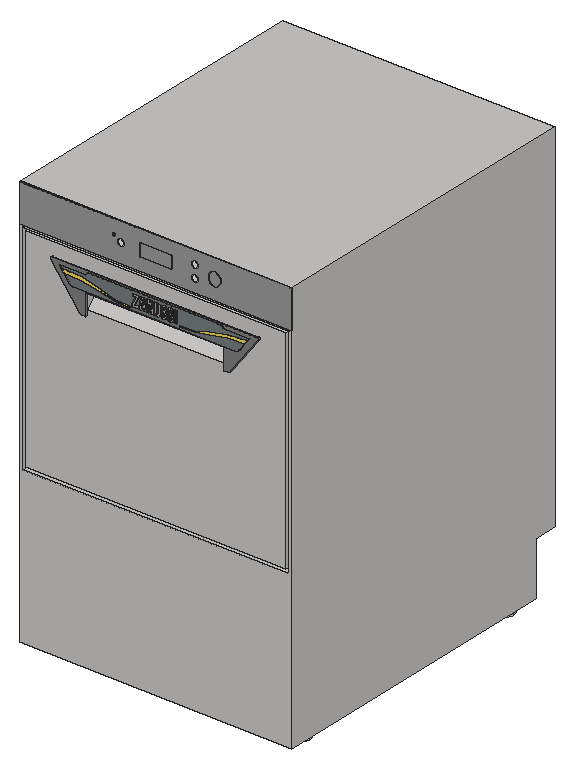
Revit family "QF_ZANUSSI_402244_ZTGWSG16", category Attrezzature speciali, Revit 2021
Family settings
  Quota connettore circolare = Usa diametro
  Tipo di parte = Normale
  Basato su piano di lavoro = No
  Sempre verticale = Sì
  Taglio con vuoti quando caricato = No
  Condiviso = No
  Punto di calcolo locali = No
Parameters (values of type "Standard")
  Weight = 38.00 kg
  Watts = 2700 W
  Volts = 220 V
  URL Manufacturer = "http://www.zanussiprofessional.com"
  URL = "http://www.zanussiprofessional.com"
  Steam Supply Size = 0 mm
  Steam Supply Minimum Pressure = 0.0 Pa
  Steam Supply Maximum Pressure = 0.0 Pa
  Steam Consumption per Hour = 0
  Show Logo [instance] = yes
  Show Clearance [instance] = yes
  Refrigeration Suction Line Size = 0 mm
  Refrigeration Liquid Line Size = 0 mm
  Refrigerant Compressor Remote = yes
  Produttore = "Zanussi"
  Phase = 1
  Modello = "ZTGWSG16"
  Length Actual = 455 mm  # constant formula
  Item Number = "402244"
  Hot Water Size = 0 mm
  Height Actual = 700 mm  # constant formula
  HP = "3.6 HP"
  Gas Size = 0 mm
  Gas KW = 0
  Gas Input Pressure = 0 W
  Direct Waste Size = 29 mm
  Descrizione = "UC GLASSWASHER (S), ELECTRONIC, SINGLE SKIN, PRESSURE, RINSE AID+DET.PUMP, DRAIN P, TANK FILTER, 40R/H, 230V/1/60,SCHUKO"
  Prospetto di default = 0 mm
  Depth Actual = 550 mm  # constant formula
  Cycle = 60 Hz
  Condensate Return Size = 0 mm
  Compressed Air Volume = 0.0 L/s
  Compressed Air Size = 0 mm
  Compressed Air Pressure = 0.0 Pa
  Cold Water Size = 19.05 mm
  Accessory = yes
Reference planes
  plane 1 "Center (Front/Back)": y = 0
  plane 2: z = 0
  plane 3 "Center (Left/Right)": x = 0
  plane 4 "LEFT": x = -227.5
  plane 5 "RIGHT": x = 227.5
  plane 6 "FRONT": y = -275
  plane 7 "BACK": y = 275
  plane 8: z = 700
  plane 9: z = 10
  plane 10: y = 236
  plane 11 "2": y = -274
Forms (mm)
  Extrusion 1, solid, material "QF_Finishes_Stainless Steel", detail levels medium+fine
    sketch origin (0, 0, 0) x (1, 0, 0) y (0, 1, 0)
      loop
        line (-227.5, -275) -> (227.5, -275) -> (227.5, 236) -> (-227.5, 236) -> (-227.5, -275)
    from 10 to 700
  Extrusion 2, solid, material "QF_Finishes_Stainless Steel", detail levels medium+fine
    sketch origin (0, 0, 0) x (1, 0, 0) y (0, 1, 0)
      loop
        line (-227.5, 236) -> (227.5, 236) -> (227.5, 275) -> (-227.5, 275) -> (-227.5, 236)
    from 100 to 700
  Extrusion 3, solid, material "QF_Finishes_Stainless Steel", detail levels fine
    sketch origin (0, 0, 0) x (1, 0, 0) y (0, 1, 0)
      loop
        circle (-208, 198) r 12.5
      loop
        circle (208, 198) r 12.5
      loop
        circle (-208, -228) r 12.5
      loop
        circle (208, -228) r 12.5
    from 0 to 10
  Extrusion 4, void
    sketch origin (-227.5, -275, 0) x (-1, 0, 0) y (0, 0, 1)
      loop
        line (-5, 634.145) -> (-450, 634.145) -> (-450, 270) -> (-5, 270) -> (-5, 634.145)
    from 0 to 30
  Extrusion 5, solid, material "QF_Finishes_Stainless Steel"
    sketch origin (-212, -392, 752) x (0, 0, -1) y (1, 0, 0)
      loop
        circle (693, 215.5) r 10
    from -628 to -667
  Extrusion 6, solid, material "QF_Finishes_Stainless Steel"
    sketch origin (-432.481, -392, 722) x (0, 0, -1) y (1, 0, 0)
      loop
        circle (663, 324.981) r 8
    from -628 to -667
  Extrusion 7, solid, material "QF_Finishes_Stainless Steel"
    sketch origin (-268, -392, 682.5) x (0, 0, -1) y (1, 0, 0)
      loop
        circle (663, 230.5) r 8
    from -628 to -667
  Extrusion 8, solid, material "QF_Finishes_Stainless Steel"
    sketch origin (-50.5, 508.026, -145.045) x (0, -1, 0) y (0, 0, 1)
      loop
        line (755.578, 774.145) -> (755.578, 420.045) -> (783.026, 420.045) -> (783.026, 774.145) -> (755.578, 774.145)
    from -268.245 to 167
  Extrusion 9, solid, material "QF_Finishes_Grey"
    sketch origin (1109.779, -277.6, -140) x (-1, 0, 0) y (0, 0, 1)
      loop
        line (1224.779, 677.936) -> (1231.15, 677.936)
        arc (1231.15, 677.936) -> (1234.782, 678.808) -> (1237.622, 681.234) r 8
        line (1237.622, 681.234) -> (1283.237, 744.017)
        arc (1283.237, 744.017) -> (1283.404, 746.136) -> (1281.591, 747.247) r 2.035
        line (1281.591, 747.247) -> (937.967, 747.247)
        arc (937.967, 747.247) -> (936.154, 746.136) -> (936.321, 744.017) r 2.035
        line (936.321, 744.017) -> (981.935, 681.234)
        arc (981.935, 681.234) -> (984.775, 678.808) -> (988.407, 677.936) r 8
        line (988.407, 677.936) -> (994.779, 677.936) -> (994.779, 712.928) -> (1224.779, 712.928) -> (1224.779, 677.936)
      loop
        line (1252.743, 719.058) -> (1268.137, 740.247) -> (1224.779, 740.247) -> (1221.329, 745.174) -> (998.229, 745.174) -> (994.779, 740.247) -> (951.42, 740.247) -> (966.815, 719.058)
        arc (966.815, 719.058) -> (970.365, 716.026) -> (974.905, 714.936) r 10
        line (974.905, 714.936) -> (1244.653, 714.936)
        arc (1244.653, 714.936) -> (1249.192, 716.026) -> (1252.743, 719.058) r 10
    from 2.6 to 0.6
  Extrusion 10, solid, material "QF_Door-Drawer Clearances", detail levels coarse
    sketch origin (-50.5, 469.81, -129.52) x (0, -1, 0) y (0, 0, 1)
      loop
        arc (1151.948, 404.52) -> (1007.811, 649.792) -> (744.81, 758.257) r 446.578
        line (744.81, 758.257) -> (744.81, 404.52) -> (1151.948, 404.52)
    from -268.245 to 167
  Extrusion 11, void
    sketch origin (680, -275, 0) x (-1, 0, 0) y (0, 0, 1)
      loop
        line (907.5, 700) -> (452.5, 700) -> (452.5, 635.697) -> (907.5, 635.697) -> (907.5, 700)
    from 0 to 1
  Extrusion 12, void
    sketch origin (-227.5, 0, 0) x (0, 1, 0) y (0, 0, 1)
      loop
        line (-275, 607.247) -> (-275, 546.753) -> (-254.506, 567.247) -> (-254.506, 607.247) -> (-275, 607.247)
    from 112.5 to 342.5
  Extrusion 13, solid, material "QF_Finishes_Zanussi_Dark Gray"
    sketch origin (1109.779, -277.552, -140) x (-1, 0, 0) y (0, 0, 1)
      loop
        arc (1244.653, 714.936) -> (1249.192, 716.026) -> (1252.743, 719.058) r 10
        line (1252.743, 719.058) -> (1261.069, 730.518)
        arc (1261.069, 730.518) -> (1231.688, 728.995) -> (1202.67, 724.145) r 258.665
        arc (1202.67, 724.145) -> (1177.172, 718.988) -> (1151.199, 717.527) r 181.648
        line (1151.199, 717.527) -> (1151.199, 719.365)
        arc (1151.199, 719.365) -> (1175.804, 720.821) -> (1199.739, 726.707) r 135.575
        arc (1199.739, 726.707) -> (1232.367, 734.852) -> (1265.915, 737.189) r 192.294
        line (1265.915, 737.189) -> (1268.137, 740.247) -> (1224.779, 740.247) -> (1221.329, 745.174) -> (998.229, 745.174) -> (994.779, 740.247) -> (951.42, 740.247) -> (953.642, 737.189)
        arc (953.642, 737.189) -> (987.19, 734.852) -> (1019.818, 726.707) r 192.294
        arc (1019.818, 726.707) -> (1043.754, 720.821) -> (1068.359, 719.365) r 135.575
        line (1068.359, 719.365) -> (1068.359, 717.527)
        arc (1068.359, 717.527) -> (1042.385, 718.988) -> (1016.887, 724.145) r 181.648
        arc (1016.887, 724.145) -> (987.869, 728.995) -> (958.489, 730.518) r 258.665
        line (958.489, 730.518) -> (966.815, 719.058)
        arc (966.815, 719.058) -> (970.365, 716.026) -> (974.905, 714.936) r 10
        line (974.905, 714.936) -> (1244.653, 714.936)
      loop
        line (1136.811, 720.343) -> (1147.298, 720.343) -> (1147.298, 724.376) -> (1141.536, 736.476) -> (1146.837, 736.361) -> (1146.837, 740.048) -> (1136.811, 740.048) -> (1136.811, 736.706) -> (1142.86, 724.376) -> (1136.811, 724.376) -> (1136.811, 720.343)
      loop
        line (1131.023, 727.718) -> (1129.87, 736.68) -> (1128.718, 727.718) -> (1131.023, 727.718)
      loop
        line (1132.06, 720.343) -> (1136.208, 720.343) -> (1132.636, 740.048) -> (1127.105, 740.048) -> (1123.417, 720.343) -> (1127.566, 720.343) -> (1128.142, 724.145) -> (1131.484, 724.145) -> (1132.06, 720.343)
      loop
        line (1122.906, 740.048) -> (1118.643, 740.048) -> (1115.301, 727.487) -> (1115.301, 740.048) -> (1111.613, 740.048) -> (1111.613, 720.343) -> (1115.992, 720.343) -> (1119.334, 733.364) -> (1119.334, 720.343) -> (1122.906, 720.343) -> (1122.906, 740.048)
      loop
        line (1110.691, 725.216) -> (1110.691, 740.048) -> (1106.658, 740.048) -> (1106.658, 725.067)
        arc (1106.658, 725.067) -> (1105.298, 724.191) -> (1104.238, 725.413) r 1.235
        line (1104.238, 725.413) -> (1104.238, 740.048) -> (1100.205, 740.048) -> (1100.205, 724.491)
        arc (1100.205, 724.491) -> (1105.762, 720.311) -> (1110.691, 725.216) r 5.31
      loop
        line (1092.714, 733.825) -> (1092.714, 735.968)
        arc (1092.714, 735.968) -> (1094.339, 737.106) -> (1095.477, 735.482) r 1.402
        arc (1095.477, 735.482) -> (1095.156, 734.577) -> (1094.558, 733.825) r 2.907
        line (1094.558, 733.825) -> (1090.138, 729.847)
        arc (1090.138, 729.847) -> (1088.719, 726.858) -> (1088.799, 723.55) r 7.142
        arc (1088.799, 723.55) -> (1093.224, 720.347) -> (1098.478, 721.843) r 6.254
        arc (1098.478, 721.843) -> (1099.59, 724.436) -> (1099.629, 727.257) r 7.254
        line (1099.629, 727.257) -> (1095.606, 727.257)
        arc (1095.606, 727.257) -> (1095.588, 726.763) -> (1095.606, 726.269) r 7.151
        arc (1095.606, 726.269) -> (1095.624, 725.746) -> (1095.606, 725.223) r 7.57
        arc (1095.606, 725.223) -> (1095.371, 724.481) -> (1094.824, 723.927) r 1.659
        arc (1094.824, 723.927) -> (1093.007, 724.341) -> (1092.814, 726.195) r 1.601
        arc (1092.814, 726.195) -> (1093.594, 727.256) -> (1094.598, 728.108) r 5.667
        line (1094.598, 728.108) -> (1096.297, 729.614)
        arc (1096.297, 729.614) -> (1097.81, 731.196) -> (1099.043, 733.005) r 13.293
        arc (1099.043, 733.005) -> (1099.229, 736.278) -> (1097.728, 739.192) r 6.231
        arc (1097.728, 739.192) -> (1094.047, 740.392) -> (1090.367, 739.192) r 6.244
        arc (1090.367, 739.192) -> (1089.114, 737.614) -> (1088.849, 735.617) r 3.784
        line (1088.849, 735.617) -> (1088.912, 733.825) -> (1092.714, 733.825)
      loop
        line (1081.221, 733.825) -> (1081.221, 735.968)
        arc (1081.221, 735.968) -> (1082.846, 737.106) -> (1083.984, 735.482) r 1.402
        arc (1083.984, 735.482) -> (1083.663, 734.577) -> (1083.065, 733.825) r 2.907
        line (1083.065, 733.825) -> (1078.645, 729.847)
        arc (1078.645, 729.847) -> (1077.226, 726.858) -> (1077.306, 723.55) r 7.142
        arc (1077.306, 723.55) -> (1081.731, 720.347) -> (1086.985, 721.843) r 6.254
        arc (1086.985, 721.843) -> (1088.097, 724.436) -> (1088.136, 727.257) r 7.254
        line (1088.136, 727.257) -> (1084.113, 727.257)
        arc (1084.113, 727.257) -> (1084.095, 726.763) -> (1084.113, 726.269) r 7.151
        arc (1084.113, 726.269) -> (1084.131, 725.746) -> (1084.113, 725.223) r 7.57
        arc (1084.113, 725.223) -> (1083.878, 724.481) -> (1083.331, 723.927) r 1.659
        arc (1083.331, 723.927) -> (1081.514, 724.341) -> (1081.321, 726.195) r 1.601
        arc (1081.321, 726.195) -> (1082.101, 727.256) -> (1083.105, 728.108) r 5.667
        line (1083.105, 728.108) -> (1084.804, 729.614)
        arc (1084.804, 729.614) -> (1086.317, 731.196) -> (1087.55, 733.005) r 13.293
        arc (1087.55, 733.005) -> (1087.736, 736.278) -> (1086.235, 739.192) r 6.231
        arc (1086.235, 739.192) -> (1082.554, 740.392) -> (1078.874, 739.192) r 6.244
        arc (1078.874, 739.192) -> (1077.621, 737.614) -> (1077.356, 735.617) r 3.784
        line (1077.356, 735.617) -> (1077.419, 733.825) -> (1081.221, 733.825)
      loop
        line (1076.581, 740.048) -> (1072.548, 740.048) -> (1072.548, 720.343) -> (1076.581, 720.343) -> (1076.581, 740.048)
    from 0 to 2.552
  Extrusion 14, solid, material "QF_Finishes_Zanussi_Soft Gray"
    sketch origin (1109.779, -277.552, -140) x (-1, 0, 0) y (0, 0, 1)
      loop
        line (1136.811, 720.252) -> (1147.298, 720.252) -> (1147.298, 724.286) -> (1141.536, 736.385) -> (1146.837, 736.27) -> (1146.837, 739.958) -> (1136.811, 739.958) -> (1136.811, 736.616) -> (1142.86, 724.286) -> (1136.811, 724.286) -> (1136.811, 720.252)
      loop
        line (1131.023, 727.627) -> (1129.87, 736.59) -> (1128.718, 727.627) -> (1131.023, 727.627)
      loop
        line (1132.06, 720.252) -> (1136.208, 720.252) -> (1132.636, 739.958) -> (1127.105, 739.958) -> (1123.417, 720.252) -> (1127.566, 720.252) -> (1128.142, 724.055) -> (1131.484, 724.055) -> (1132.06, 720.252)
      loop
        line (1122.906, 739.958) -> (1118.643, 739.958) -> (1115.301, 727.397) -> (1115.301, 739.958) -> (1111.613, 739.958) -> (1111.613, 720.252) -> (1115.992, 720.252) -> (1119.334, 733.274) -> (1119.334, 720.252) -> (1122.906, 720.252) -> (1122.906, 739.958)
      loop
        line (1110.691, 725.126) -> (1110.691, 739.958) -> (1106.658, 739.958) -> (1106.658, 724.977)
        arc (1106.658, 724.977) -> (1105.298, 724.1) -> (1104.238, 725.323) r 1.235
        line (1104.238, 725.323) -> (1104.238, 739.958) -> (1100.205, 739.958) -> (1100.205, 724.401)
        arc (1100.205, 724.401) -> (1105.762, 720.22) -> (1110.691, 725.126) r 5.31
      loop
        line (1092.714, 733.735) -> (1092.714, 735.878)
        arc (1092.714, 735.878) -> (1094.339, 737.016) -> (1095.477, 735.392) r 1.402
        arc (1095.477, 735.392) -> (1095.156, 734.486) -> (1094.558, 733.735) r 2.907
        line (1094.558, 733.735) -> (1090.138, 729.757)
        arc (1090.138, 729.757) -> (1088.719, 726.767) -> (1088.799, 723.46) r 7.142
        arc (1088.799, 723.46) -> (1093.224, 720.257) -> (1098.478, 721.753) r 6.254
        arc (1098.478, 721.753) -> (1099.59, 724.346) -> (1099.629, 727.167) r 7.254
        line (1099.629, 727.167) -> (1095.606, 727.167)
        arc (1095.606, 727.167) -> (1095.588, 726.672) -> (1095.606, 726.178) r 7.151
        arc (1095.606, 726.178) -> (1095.624, 725.655) -> (1095.606, 725.132) r 7.57
        arc (1095.606, 725.132) -> (1095.371, 724.39) -> (1094.824, 723.837) r 1.659
        arc (1094.824, 723.837) -> (1093.007, 724.251) -> (1092.814, 726.104) r 1.601
        arc (1092.814, 726.104) -> (1093.594, 727.165) -> (1094.598, 728.017) r 5.667
        line (1094.598, 728.017) -> (1096.297, 729.523)
        arc (1096.297, 729.523) -> (1097.81, 731.106) -> (1099.043, 732.915) r 13.293
        arc (1099.043, 732.915) -> (1099.229, 736.187) -> (1097.728, 739.101) r 6.231
        arc (1097.728, 739.101) -> (1094.047, 740.302) -> (1090.367, 739.101) r 6.244
        arc (1090.367, 739.101) -> (1089.114, 737.523) -> (1088.849, 735.526) r 3.784
        line (1088.849, 735.526) -> (1088.912, 733.735) -> (1092.714, 733.735)
      loop
        line (1081.221, 733.735) -> (1081.221, 735.878)
        arc (1081.221, 735.878) -> (1082.846, 737.016) -> (1083.984, 735.392) r 1.402
        arc (1083.984, 735.392) -> (1083.663, 734.486) -> (1083.065, 733.735) r 2.907
        line (1083.065, 733.735) -> (1078.645, 729.757)
        arc (1078.645, 729.757) -> (1077.226, 726.767) -> (1077.306, 723.46) r 7.142
        arc (1077.306, 723.46) -> (1081.731, 720.257) -> (1086.985, 721.753) r 6.254
        arc (1086.985, 721.753) -> (1088.097, 724.346) -> (1088.136, 727.167) r 7.254
        line (1088.136, 727.167) -> (1084.113, 727.167)
        arc (1084.113, 727.167) -> (1084.095, 726.672) -> (1084.113, 726.178) r 7.151
        arc (1084.113, 726.178) -> (1084.131, 725.655) -> (1084.113, 725.132) r 7.57
        arc (1084.113, 725.132) -> (1083.878, 724.39) -> (1083.331, 723.837) r 1.659
        arc (1083.331, 723.837) -> (1081.514, 724.251) -> (1081.321, 726.104) r 1.601
        arc (1081.321, 726.104) -> (1082.101, 727.165) -> (1083.105, 728.017) r 5.667
        line (1083.105, 728.017) -> (1084.804, 729.523)
        arc (1084.804, 729.523) -> (1086.317, 731.106) -> (1087.55, 732.915) r 13.293
        arc (1087.55, 732.915) -> (1087.736, 736.187) -> (1086.235, 739.101) r 6.231
        arc (1086.235, 739.101) -> (1082.554, 740.302) -> (1078.874, 739.101) r 6.244
        arc (1078.874, 739.101) -> (1077.621, 737.523) -> (1077.356, 735.526) r 3.784
        line (1077.356, 735.526) -> (1077.419, 733.735) -> (1081.221, 733.735)
      loop
        line (1076.581, 739.958) -> (1072.548, 739.958) -> (1072.548, 720.252) -> (1076.581, 720.252) -> (1076.581, 739.958)
    from 0 to 2.552
  Extrusion 15, solid, material "QF_Finishes_Zanussi_Yellow"
    sketch origin (1109.779, -277.552, -140) x (-1, 0, 0) y (0, 0, 1)
      loop
        line (1261.069, 730.518) -> (1265.915, 737.189)
        arc (1265.915, 737.189) -> (1232.367, 734.852) -> (1199.739, 726.707) r 192.294
        arc (1199.739, 726.707) -> (1175.804, 720.821) -> (1151.199, 719.365) r 135.575
        line (1151.199, 719.365) -> (1151.199, 717.527)
        arc (1151.199, 717.527) -> (1177.172, 718.988) -> (1202.67, 724.145) r 181.648
        arc (1202.67, 724.145) -> (1231.688, 728.995) -> (1261.069, 730.518) r 258.665
      loop
        line (953.642, 737.189) -> (958.489, 730.518)
        arc (958.489, 730.518) -> (987.869, 728.995) -> (1016.887, 724.145) r 258.665
        arc (1016.887, 724.145) -> (1042.385, 718.988) -> (1068.359, 717.527) r 181.648
        line (1068.359, 717.527) -> (1068.359, 719.365)
        arc (1068.359, 719.365) -> (1043.754, 720.821) -> (1019.818, 726.707) r 135.575
        arc (1019.818, 726.707) -> (987.19, 734.852) -> (953.642, 737.189) r 192.294
    from 0 to 2.552
Cuts and joins
  Extrusion 4, Extrusion 11, Extrusion 12 cuts Extrusion 1
  Extrusion 11, Extrusion 12 cuts Extrusion 2
  joined: Extrusion 1, Extrusion 2
  Extrusion 12 cuts Extrusion 8
  Extrusion 12 cuts Extrusion 9
  Extrusion 12 cuts Extrusion 10
Lines and regions (mm)
  symbolic lines
    curve 1: line (-227.5, 275, 0) -> (227.5, 275, 0)
    curve 2: line (-227.5, -275, 0) -> (-227.5, 275, 0)
    curve 3: line (227.5, -275, 0) -> (-227.5, -275, 0)
    curve 4: line (227.5, 275, 0) -> (227.5, -275, 0)
    curve 8: line (-222.5, -275, 0) -> (222.5, -275, 0)
    curve 9: line (-222.5, -245, 0) -> (-222.5, -275, 0)
    curve 10: line (222.5, -245, 0) -> (-222.5, -245, 0)
    curve 11: line (222.5, -275, 0) -> (222.5, -245, 0)
  symbolic lines, style "QF_Door-Drawer Clearances"
    curve 5: line (-217.5, -682.138, 0) -> (217.5, -682.138, 0)
    curve 6: line (217.5, -682.138, 0) -> (217.5, -275, 0)
    curve 7: line (-217.5, -682.138, 0) -> (-217.5, -275, 0)
  symbolic lines, style "SpecialityEquipmentHiddenLines"
    curve 12: line (-115, -254.506, 0) -> (115, -254.506, 0)
    curve 13: line (-115, -275, 0) -> (-115, -254.506, 0)
    curve 14: line (115, -254.506, 0) -> (115, -275, 0)
Dimensions and locks
  equal spacing: plane 4 "LEFT", plane 3 "Center (Left/Right)", plane 5 "RIGHT"
  equal spacing: plane 7 "BACK", plane 1 "Center (Front/Back)", plane 6 "FRONT"
  plane 7 "BACK" to plane 6 "FRONT" = 550 mm
  plane 4 "LEFT" to plane 5 "RIGHT" = 455 mm
  locked: plane 9 to level at 10
  plane 4 "LEFT" to plane 3 "Center (Left/Right)" = 227.5 mm
  plane 8 to level = 700 mm  (x2)
  level to Extrusion 7 sketch curve = 19.5 mm
  Extrusion 7 sketch curve to plane 4 "LEFT" = 190 mm
  level to Extrusion 5 sketch curve = 59 mm
  Extrusion 5 sketch curve to plane 4 "LEFT" = 231 mm
  Extrusion 6 sketch curve to plane 4 "LEFT" = 120 mm
  level to Extrusion 6 sketch curve = 59 mm
  Extrusion 3 to cut or joined group of Extrusion 1, Extrusion 2, Extrusion 4, Extrusion 11, Extrusion 12 = 77 mm
  Extrusion 3 to Extrusion 3 = 426 mm
  plane 6 "FRONT" to Extrusion 3 = 47 mm
  plane 1 "Center (Front/Back)" to plane 6 "FRONT" = 275 mm
  locked: plane 7 "BACK" to plane 10 at 39
  plane 6 "FRONT" to curve 5 = 407.138 mm
  aligned and locked: level to plane 2
  aligned and locked: Extrusion 1 sketch curve to plane 6 "FRONT"
  aligned and locked: Extrusion 1 sketch curve to plane 4 "LEFT"
  aligned and locked: plane 5 "RIGHT" to Extrusion 1 sketch curve
  aligned and locked: Extrusion 1 to plane 9
  aligned and locked: Extrusion 2 sketch curve to Extrusion 1
  aligned and locked: plane 7 "BACK" to Extrusion 2 sketch curve
  aligned and locked: plane 5 "RIGHT" to Extrusion 2 sketch curve
  aligned and locked: plane 9 to Extrusion 3
  aligned and locked: cut or joined group of Extrusion 1, Extrusion 2, Extrusion 4, Extrusion 11, Extrusion 12 to plane 10
Automatic sketch dimensions
  Extrusion 9 sketch curve to plane 8 = 95.983 mm  (x2)
  plane 4 "LEFT" to Extrusion 9 sketch curve = 400.958 mm
  Extrusion 9 sketch curve to Extrusion 9 sketch curve = 1.646 mm  (x2)
  Extrusion 9 sketch curve to Extrusion 9 sketch curve = 13.454 mm  (x2)
  Extrusion 9 sketch curve to plane 8 = 120.942 mm  (x2)
  Extrusion 9 sketch curve to Extrusion 9 sketch curve = 15.395 mm  (x2)
  Extrusion 9 sketch curve to Extrusion 9 sketch curve = 8.09 mm  (x2)
  Extrusion 9 sketch curve to plane 8 = 158.766 mm  (x2)
  Extrusion 9 sketch curve to Extrusion 9 sketch curve = 7.03 mm
  Extrusion 9 sketch curve to Extrusion 9 sketch curve = 6.472 mm  (x2)
  Extrusion 9 sketch curve to Extrusion 9 sketch curve = 19.874 mm  (x3)
  Extrusion 9 sketch curve to Extrusion 9 sketch curve = 3.45 mm  (x3)
  Extrusion 9 sketch curve to plane 8 = 94.826 mm
  Extrusion 9 sketch curve to Extrusion 9 sketch curve = 223.1 mm
  Extrusion 9 sketch curve to plane 8 = 162.064 mm
  Extrusion 9 sketch curve to plane 8 = 99.753 mm
  Extrusion 9 sketch curve to Extrusion 9 sketch curve = 6.371 mm
  Extrusion 9 sketch curve to Extrusion 9 sketch curve = 3.298 mm
  Extrusion 9 sketch curve to plane 8 = 127.072 mm
  Extrusion 9 sketch curve to Extrusion 9 sketch curve = 4.122 mm
  Extrusion 9 sketch curve to Extrusion 9 sketch curve = 3.77 mm
  Extrusion 9 sketch curve to Extrusion 9 sketch curve = 1.196 mm
  Extrusion 11 sketch curve to plane 8 = 0 mm
  Extrusion 11 sketch curve to plane 4 "LEFT" = 0 mm
  Extrusion 11 sketch curve to plane 5 "RIGHT" = 0 mm
  Extrusion 11 sketch curve to plane 8 = 64.303 mm
  Extrusion 12 sketch curve to plane 6 "FRONT" = 0 mm
  plane 11 "2" to Extrusion 12 sketch curve = 19.494 mm
  Extrusion 12 sketch curve to plane 8 = 132.753 mm
  Extrusion 12 sketch curve to Extrusion 12 sketch curve = 40 mm
  Extrusion 12 sketch curve to Extrusion 12 sketch curve = 20.494 mm
  Extrusion 1 sketch curve to plane 10 = 0 mm
  Extrusion 2 sketch curve to plane 10 = 0 mm
  plane 4 "LEFT" to Extrusion 3 sketch curve = 19.5 mm  (x2)
  Extrusion 3 sketch curve to plane 5 "RIGHT" = 19.5 mm  (x2)
  plane 11 "2" to Extrusion 3 sketch curve = 46 mm  (x2)
  Extrusion 3 sketch curve to plane 10 = 38 mm  (x2)
  Extrusion 4 sketch curve to Extrusion 1 = 5 mm  (x2)
  Extrusion 4 sketch curve to Extrusion 1 = 260 mm
  Extrusion 4 sketch curve to Extrusion 1 = 65.855 mm
  Extrusion 8 sketch curve to plane 6 "FRONT" = 0 mm
  plane 11 "2" to Extrusion 8 sketch curve = 26.448 mm
  plane 9 to Extrusion 8 sketch curve = 265 mm
  Extrusion 8 sketch curve to plane 8 = 70.9 mm
  Extrusion 10 sketch curve to plane 6 "FRONT" = 0 mm
  plane 11 "2" to Extrusion 10 sketch curve = 28.894 mm
  plane 9 to Extrusion 10 sketch curve = 265 mm
  Extrusion 10 sketch curve to Extrusion 10 sketch curve = 407.138 mm
  Extrusion 10 sketch curve to Extrusion 10 sketch curve = 91.839 mm
  curve 3 to plane 4 "LEFT" = 0 mm
  curve 9 to plane 6 "FRONT" = 0 mm
  curve 7 to plane 6 "FRONT" = 0 mm
  curve 1 to plane 5 "RIGHT" = 0 mm
  curve 2 to plane 7 "BACK" = 0 mm
  curve 2 to curve 9 = 5 mm
  plane 4 "LEFT" to curve 7 = 10 mm
  plane 11 "2" to curve 13 = 19.494 mm
  curve 7 to curve 13 = 102.5 mm
  curve 12 to plane 5 "RIGHT" = 112.5 mm
  curve 5 to plane 5 "RIGHT" = 10 mm
  curve 11 to plane 5 "RIGHT" = 5 mm
  plane 11 "2" to curve 11 = 29 mm
  Extrusion 13 sketch curve to plane 5 "RIGHT" = 69.141 mm
  Extrusion 13 sketch curve to Extrusion 13 sketch curve = 2.222 mm  (x2)
  Extrusion 13 sketch curve to plane 5 "RIGHT" = 74.83 mm
  Extrusion 13 sketch curve to Extrusion 13 sketch curve = 4.847 mm  (x2)
  Extrusion 13 sketch curve to plane 5 "RIGHT" = 77.531 mm
  Extrusion 13 sketch curve to Extrusion 13 sketch curve = 8.326 mm  (x2)
  Extrusion 13 sketch curve to Extrusion 13 sketch curve = 8.09 mm  (x2)
  Extrusion 13 sketch curve to Extrusion 13 sketch curve = 19.874 mm  (x2)
  Extrusion 13 sketch curve to Extrusion 13 sketch curve = 3.45 mm  (x2)
  plane 8 to Extrusion 13 sketch curve = 14.87 mm  (x2)
  plane 3 "Center (Left/Right)" to Extrusion 13 sketch curve = 45.748 mm
  Extrusion 13 sketch curve to Extrusion 13 sketch curve = 1.522 mm
  Extrusion 13 sketch curve to Extrusion 13 sketch curve = 70.13 mm
  Extrusion 13 sketch curve to Extrusion 13 sketch curve = 4.189 mm
  Extrusion 13 sketch curve to Extrusion 13 sketch curve = 3.439 mm
  Extrusion 13 sketch curve to Extrusion 13 sketch curve = 4.013 mm
  Extrusion 13 sketch curve to Extrusion 13 sketch curve = 0.595 mm
  Extrusion 13 sketch curve to Extrusion 13 sketch curve = 1.369 mm  (x2)
  Extrusion 13 sketch curve to Extrusion 13 sketch curve = 0.063 mm  (x2)
  Extrusion 13 sketch curve to Extrusion 13 sketch curve = 1.226 mm
  Extrusion 13 sketch curve to Extrusion 13 sketch curve = 4.44 mm
  Extrusion 13 sketch curve to Extrusion 13 sketch curve = 3.748 mm  (x2)
  Extrusion 13 sketch curve to Extrusion 13 sketch curve = 0.017 mm  (x2)
  Extrusion 13 sketch curve to Extrusion 13 sketch curve = 0.101 mm  (x2)
  Extrusion 13 sketch curve to Extrusion 13 sketch curve = 0.42 mm  (x2)
  Extrusion 13 sketch curve to Extrusion 13 sketch curve = 1.456 mm  (x2)
  Extrusion 13 sketch curve to Extrusion 13 sketch curve = 0.913 mm  (x2)
  Extrusion 13 sketch curve to Extrusion 13 sketch curve = 0.961 mm  (x2)
  Extrusion 13 sketch curve to Extrusion 13 sketch curve = 0.255 mm  (x2)
  Extrusion 13 sketch curve to Extrusion 13 sketch curve = 0.105 mm  (x2)
  Extrusion 13 sketch curve to Extrusion 13 sketch curve = 0.511 mm  (x3)
  Extrusion 13 sketch curve to Extrusion 13 sketch curve = 0.287 mm  (x2)
  Extrusion 13 sketch curve to Extrusion 13 sketch curve = 1.008 mm  (x2)
  Extrusion 13 sketch curve to Extrusion 13 sketch curve = 1.5 mm  (x2)
  Extrusion 13 sketch curve to Extrusion 13 sketch curve = 1.699 mm  (x2)
  Extrusion 13 sketch curve to Extrusion 13 sketch curve = 2.034 mm  (x2)
  Extrusion 13 sketch curve to Extrusion 13 sketch curve = 4.877 mm
  Extrusion 13 sketch curve to Extrusion 13 sketch curve = 1.808 mm
  Extrusion 13 sketch curve to Extrusion 13 sketch curve = 0.082 mm
  Extrusion 13 sketch curve to Extrusion 13 sketch curve = 2.002 mm
  Extrusion 13 sketch curve to Extrusion 13 sketch curve = 3.111 mm  (x2)
  Extrusion 13 sketch curve to Extrusion 13 sketch curve = 1.247 mm
  Extrusion 13 sketch curve to Extrusion 13 sketch curve = 4.023 mm
  Extrusion 13 sketch curve to Extrusion 13 sketch curve = 2.466 mm
  Extrusion 13 sketch curve to Extrusion 13 sketch curve = 4.033 mm  (x3)
  Extrusion 13 sketch curve to Extrusion 13 sketch curve = 1.158 mm
  Extrusion 13 sketch curve to Extrusion 13 sketch curve = 0.077 mm
  Extrusion 13 sketch curve to Extrusion 13 sketch curve = 2.42 mm
  Extrusion 13 sketch curve to Extrusion 13 sketch curve = 0.922 mm
  Extrusion 13 sketch curve to Extrusion 13 sketch curve = 3.687 mm
  Extrusion 13 sketch curve to Extrusion 13 sketch curve = 4.379 mm
  Extrusion 13 sketch curve to Extrusion 13 sketch curve = 3.342 mm  (x5)
  Extrusion 13 sketch curve to Extrusion 13 sketch curve = 3.572 mm  (x2)
  Extrusion 13 sketch curve to Extrusion 13 sketch curve = 4.198 mm
  Extrusion 13 sketch curve to Extrusion 13 sketch curve = 4.148 mm
  Extrusion 13 sketch curve to Extrusion 13 sketch curve = 0.576 mm  (x3)
  Extrusion 13 sketch curve to Extrusion 13 sketch curve = 2.766 mm  (x2)
  Extrusion 13 sketch curve to Extrusion 13 sketch curve = 2.305 mm
  Extrusion 13 sketch curve to Extrusion 13 sketch curve = 4.149 mm
  Extrusion 13 sketch curve to Extrusion 13 sketch curve = 0.603 mm
  Extrusion 13 sketch curve to Extrusion 13 sketch curve = 4.175 mm
  Extrusion 13 sketch curve to Extrusion 13 sketch curve = 4.725 mm
  Extrusion 13 sketch curve to Extrusion 13 sketch curve = 6.049 mm
  Extrusion 13 sketch curve to Extrusion 13 sketch curve = 5.301 mm
  Extrusion 13 sketch curve to Extrusion 13 sketch curve = 4.438 mm
  Extrusion 13 sketch curve to plane 3 "Center (Left/Right)" = 41.42 mm
  Extrusion 13 sketch curve to plane 3 "Center (Left/Right)" = 44.225 mm
  Extrusion 13 sketch curve to plane 3 "Center (Left/Right)" = 45.748 mm
  Extrusion 13 sketch curve to plane 3 "Center (Left/Right)" = 111.55 mm
  Extrusion 13 sketch curve to plane 3 "Center (Left/Right)" = 149.969 mm
  Extrusion 13 sketch curve to Extrusion 13 sketch curve = 2.701 mm
  Extrusion 13 sketch curve to plane 8 = 94.826 mm
  Extrusion 13 sketch curve to Extrusion 13 sketch curve = 4.927 mm  (x2)
  Extrusion 13 sketch curve to Extrusion 13 sketch curve = 5.126 mm
  Extrusion 13 sketch curve to Extrusion 13 sketch curve = 0 mm  (x14)
  Extrusion 13 sketch curve to Extrusion 13 sketch curve = 0.487 mm  (x2)
  Extrusion 13 sketch curve to Extrusion 13 sketch curve = 3.058 mm  (x2)
  Extrusion 13 sketch curve to Extrusion 13 sketch curve = 3.368 mm
  Extrusion 13 sketch curve to Extrusion 13 sketch curve = 0.231 mm
  Extrusion 13 sketch curve to Extrusion 13 sketch curve = 3.688 mm
  Extrusion 13 sketch curve to Extrusion 13 sketch curve = 3.426 mm
  Extrusion 13 sketch curve to Extrusion 13 sketch curve = 3.913 mm
  Extrusion 13 sketch curve to Extrusion 13 sketch curve = 0.149 mm  (x3)
  Extrusion 13 sketch curve to Extrusion 13 sketch curve = 0.018 mm  (x2)
  Extrusion 13 sketch curve to Extrusion 13 sketch curve = 0.243 mm  (x2)
  Extrusion 13 sketch curve to Extrusion 13 sketch curve = 0.369 mm  (x2)
  Extrusion 13 sketch curve to Extrusion 13 sketch curve = 0.986 mm  (x2)
  Extrusion 13 sketch curve to Extrusion 13 sketch curve = 0.835 mm  (x2)
  Extrusion 13 sketch curve to Extrusion 13 sketch curve = 0.322 mm  (x2)
  Extrusion 13 sketch curve to Extrusion 13 sketch curve = 1.791 mm  (x2)
  Extrusion 13 sketch curve to Extrusion 13 sketch curve = 6.684 mm
  Extrusion 13 sketch curve to Extrusion 13 sketch curve = 6.671 mm  (x2)
  Extrusion 13 sketch curve to Extrusion 13 sketch curve = 3.978 mm  (x2)
  Extrusion 13 sketch curve to Extrusion 13 sketch curve = 4.212 mm  (x2)
  Extrusion 13 sketch curve to Extrusion 13 sketch curve = 1.506 mm  (x2)
  Extrusion 13 sketch curve to Extrusion 13 sketch curve = 8.962 mm
  Extrusion 13 sketch curve to Extrusion 13 sketch curve = 5.877 mm
  Extrusion 13 sketch curve to Extrusion 13 sketch curve = 2.357 mm
  Extrusion 13 sketch curve to Extrusion 13 sketch curve = 0.851 mm
  Extrusion 13 sketch curve to Extrusion 13 sketch curve = 0.494 mm  (x2)
  Extrusion 13 sketch curve to Extrusion 13 sketch curve = 0.751 mm  (x2)
  Extrusion 13 sketch curve to Extrusion 13 sketch curve = 0.818 mm
  Extrusion 13 sketch curve to Extrusion 13 sketch curve = 0.562 mm
  Extrusion 13 sketch curve to Extrusion 13 sketch curve = 1.511 mm
  Extrusion 13 sketch curve to Extrusion 13 sketch curve = 0.199 mm
  Extrusion 13 sketch curve to Extrusion 13 sketch curve = 1.155 mm
  Extrusion 13 sketch curve to Extrusion 13 sketch curve = 0.195 mm
  Extrusion 13 sketch curve to Extrusion 13 sketch curve = 1.103 mm  (x2)
  Extrusion 13 sketch curve to Extrusion 13 sketch curve = 0.896 mm  (x2)
  Extrusion 13 sketch curve to Extrusion 13 sketch curve = 0.065 mm  (x2)
  Extrusion 13 sketch curve to Extrusion 13 sketch curve = 5.582 mm  (x2)
  Extrusion 13 sketch curve to Extrusion 13 sketch curve = 1.982 mm
  Extrusion 13 sketch curve to Extrusion 13 sketch curve = 1.101 mm
  Extrusion 13 sketch curve to Extrusion 13 sketch curve = 3.803 mm  (x2)
  Extrusion 13 sketch curve to Extrusion 13 sketch curve = 5.403 mm
  Extrusion 13 sketch curve to Extrusion 13 sketch curve = 7.145 mm
  Extrusion 13 sketch curve to Extrusion 13 sketch curve = 0.978 mm  (x2)
  Extrusion 13 sketch curve to Extrusion 13 sketch curve = 5.878 mm
  Extrusion 13 sketch curve to Extrusion 13 sketch curve = 1.838 mm  (x2)
  Extrusion 13 sketch curve to Extrusion 13 sketch curve = 170.01 mm  (x2)
  Extrusion 13 sketch curve to Extrusion 13 sketch curve = 73.069 mm  (x2)
  Extrusion 13 sketch curve to Extrusion 13 sketch curve = 44.283 mm  (x2)
  Extrusion 13 sketch curve to Extrusion 13 sketch curve = 0.745 mm  (x2)
  Extrusion 13 sketch curve to Extrusion 13 sketch curve = 0.619 mm  (x2)
  Extrusion 13 sketch curve to Extrusion 13 sketch curve = 1.244 mm
  Extrusion 13 sketch curve to Extrusion 13 sketch curve = 2.477 mm
  plane 3 "Center (Left/Right)" to Extrusion 14 sketch curve = 37.231 mm
  Extrusion 14 sketch curve to Extrusion 14 sketch curve = 3.439 mm
  Extrusion 14 sketch curve to Extrusion 14 sketch curve = 4.013 mm
  Extrusion 14 sketch curve to Extrusion 14 sketch curve = 0.595 mm
  Extrusion 14 sketch curve to Extrusion 14 sketch curve = 1.369 mm  (x2)
  Extrusion 14 sketch curve to Extrusion 14 sketch curve = 0.063 mm  (x2)
  Extrusion 14 sketch curve to Extrusion 14 sketch curve = 1.226 mm
  Extrusion 14 sketch curve to Extrusion 14 sketch curve = 4.44 mm
  Extrusion 14 sketch curve to Extrusion 14 sketch curve = 3.748 mm  (x2)
  Extrusion 14 sketch curve to Extrusion 14 sketch curve = 0.017 mm  (x2)
  Extrusion 14 sketch curve to Extrusion 14 sketch curve = 0.101 mm  (x2)
  Extrusion 14 sketch curve to Extrusion 14 sketch curve = 0.42 mm  (x2)
  Extrusion 14 sketch curve to Extrusion 14 sketch curve = 1.456 mm  (x2)
  Extrusion 14 sketch curve to Extrusion 14 sketch curve = 0.913 mm  (x2)
  Extrusion 14 sketch curve to Extrusion 14 sketch curve = 0.961 mm  (x2)
  Extrusion 14 sketch curve to Extrusion 14 sketch curve = 0.255 mm  (x2)
  Extrusion 14 sketch curve to Extrusion 14 sketch curve = 0.105 mm  (x2)
  Extrusion 14 sketch curve to Extrusion 14 sketch curve = 0.511 mm  (x3)
  Extrusion 14 sketch curve to Extrusion 14 sketch curve = 0.287 mm  (x2)
  Extrusion 14 sketch curve to Extrusion 14 sketch curve = 1.008 mm  (x2)
  Extrusion 14 sketch curve to Extrusion 14 sketch curve = 1.5 mm  (x2)
  Extrusion 14 sketch curve to Extrusion 14 sketch curve = 1.699 mm  (x2)
  Extrusion 14 sketch curve to Extrusion 14 sketch curve = 2.034 mm  (x2)
  Extrusion 14 sketch curve to Extrusion 14 sketch curve = 4.877 mm
  Extrusion 14 sketch curve to Extrusion 14 sketch curve = 1.808 mm
  Extrusion 14 sketch curve to Extrusion 14 sketch curve = 0.082 mm
  Extrusion 14 sketch curve to Extrusion 14 sketch curve = 2.002 mm
  Extrusion 14 sketch curve to Extrusion 14 sketch curve = 3.111 mm  (x2)
  Extrusion 14 sketch curve to Extrusion 14 sketch curve = 1.247 mm
  Extrusion 14 sketch curve to Extrusion 14 sketch curve = 4.023 mm
  Extrusion 14 sketch curve to Extrusion 14 sketch curve = 2.466 mm
  Extrusion 14 sketch curve to Extrusion 14 sketch curve = 4.033 mm  (x4)
  Extrusion 14 sketch curve to Extrusion 14 sketch curve = 1.158 mm
  Extrusion 14 sketch curve to Extrusion 14 sketch curve = 0.077 mm
  Extrusion 14 sketch curve to Extrusion 14 sketch curve = 2.42 mm
  Extrusion 14 sketch curve to Extrusion 14 sketch curve = 0.922 mm
  Extrusion 14 sketch curve to Extrusion 14 sketch curve = 3.687 mm
  Extrusion 14 sketch curve to Extrusion 14 sketch curve = 4.379 mm
  Extrusion 14 sketch curve to Extrusion 14 sketch curve = 3.342 mm  (x3)
  Extrusion 14 sketch curve to Extrusion 14 sketch curve = 4.264 mm
  Extrusion 14 sketch curve to Extrusion 14 sketch curve = 4.198 mm
  Extrusion 14 sketch curve to Extrusion 14 sketch curve = 4.148 mm
  Extrusion 14 sketch curve to Extrusion 14 sketch curve = 0.576 mm  (x4)
  Extrusion 14 sketch curve to Extrusion 14 sketch curve = 2.766 mm  (x2)
  Extrusion 14 sketch curve to Extrusion 14 sketch curve = 2.305 mm
  Extrusion 14 sketch curve to Extrusion 14 sketch curve = 4.149 mm
  Extrusion 14 sketch curve to Extrusion 14 sketch curve = 0.603 mm
  Extrusion 14 sketch curve to Extrusion 14 sketch curve = 4.175 mm
  Extrusion 14 sketch curve to Extrusion 14 sketch curve = 4.725 mm
  Extrusion 14 sketch curve to Extrusion 14 sketch curve = 6.049 mm
  Extrusion 14 sketch curve to Extrusion 14 sketch curve = 5.301 mm
  Extrusion 14 sketch curve to Extrusion 14 sketch curve = 4.438 mm
  Extrusion 14 sketch curve to plane 8 = 119.748 mm
  Extrusion 14 sketch curve to Extrusion 14 sketch curve = 0 mm  (x17)
  Extrusion 14 sketch curve to Extrusion 14 sketch curve = 3.048 mm
  Extrusion 14 sketch curve to Extrusion 14 sketch curve = 3.803 mm
  Extrusion 14 sketch curve to Extrusion 14 sketch curve = 1.101 mm
  Extrusion 14 sketch curve to Extrusion 14 sketch curve = 0.149 mm  (x3)
  Extrusion 14 sketch curve to Extrusion 14 sketch curve = 1.947 mm  (x2)
  Extrusion 14 sketch curve to Extrusion 14 sketch curve = 0.035 mm  (x2)
  Extrusion 14 sketch curve to Extrusion 14 sketch curve = 0.065 mm  (x2)
  Extrusion 14 sketch curve to Extrusion 14 sketch curve = 5.403 mm
  Extrusion 14 sketch curve to Extrusion 14 sketch curve = 2.355 mm
  Extrusion 14 sketch curve to Extrusion 14 sketch curve = 0.607 mm  (x2)
  Extrusion 14 sketch curve to Extrusion 14 sketch curve = 1.103 mm  (x2)
  Extrusion 14 sketch curve to Extrusion 14 sketch curve = 0.818 mm
  Extrusion 14 sketch curve to Extrusion 14 sketch curve = 1.35 mm
  Extrusion 14 sketch curve to Extrusion 14 sketch curve = 1.511 mm
  Extrusion 14 sketch curve to Extrusion 14 sketch curve = 0.751 mm
  Extrusion 14 sketch curve to Extrusion 14 sketch curve = 2.271 mm
  Extrusion 14 sketch curve to Extrusion 14 sketch curve = 3.572 mm
  Extrusion 14 sketch curve to Extrusion 14 sketch curve = 0.851 mm  (x2)
  Extrusion 14 sketch curve to Extrusion 14 sketch curve = 1.506 mm  (x2)
  Extrusion 14 sketch curve to Extrusion 14 sketch curve = 2.59 mm
  Extrusion 14 sketch curve to Extrusion 14 sketch curve = 3.652 mm
  Extrusion 14 sketch curve to Extrusion 14 sketch curve = 5.877 mm
  Extrusion 14 sketch curve to Extrusion 14 sketch curve = 3.978 mm  (x2)
  Extrusion 14 sketch curve to Extrusion 14 sketch curve = 4.212 mm
  Extrusion 14 sketch curve to Extrusion 14 sketch curve = 0.322 mm  (x2)
  Extrusion 14 sketch curve to Extrusion 14 sketch curve = 1.157 mm  (x2)
  Extrusion 14 sketch curve to Extrusion 14 sketch curve = 1.791 mm  (x2)
  Extrusion 14 sketch curve to Extrusion 14 sketch curve = 0.743 mm  (x2)
  Extrusion 14 sketch curve to Extrusion 14 sketch curve = 0.986 mm  (x2)
  Extrusion 14 sketch curve to Extrusion 14 sketch curve = 0.018 mm  (x2)
  Extrusion 14 sketch curve to Extrusion 14 sketch curve = 11.985 mm
  Extrusion 14 sketch curve to Extrusion 14 sketch curve = 0.115 mm
  Extrusion 14 sketch curve to Extrusion 14 sketch curve = 8.962 mm
  Extrusion 14 sketch curve to Extrusion 14 sketch curve = 0.231 mm
  Extrusion 14 sketch curve to Extrusion 14 sketch curve = 0.37 mm  (x2)
  Extrusion 14 sketch curve to Extrusion 14 sketch curve = 6.684 mm
  Extrusion 14 sketch curve to Extrusion 14 sketch curve = 3.688 mm
  Extrusion 14 sketch curve to Extrusion 14 sketch curve = 0.487 mm
  Extrusion 14 sketch curve to Extrusion 14 sketch curve = 0.745 mm  (x2)
  Extrusion 14 sketch curve to Extrusion 14 sketch curve = 0.619 mm  (x2)
  Extrusion 14 sketch curve to Extrusion 14 sketch curve = 1.244 mm
  Extrusion 14 sketch curve to Extrusion 14 sketch curve = 2.477 mm
  Extrusion 15 sketch curve to plane 5 "RIGHT" = 71.363 mm
  Extrusion 15 sketch curve to plane 5 "RIGHT" = 74.83 mm
  Extrusion 15 sketch curve to Extrusion 15 sketch curve = 4.847 mm  (x2)
  Extrusion 15 sketch curve to plane 5 "RIGHT" = 77.531 mm
  plane 8 to Extrusion 15 sketch curve = 14.87 mm  (x2)
  plane 3 "Center (Left/Right)" to Extrusion 15 sketch curve = 45.748 mm
  Extrusion 15 sketch curve to Extrusion 15 sketch curve = 1.522 mm
  plane 3 "Center (Left/Right)" to Extrusion 15 sketch curve = 41.42 mm
  Extrusion 15 sketch curve to plane 3 "Center (Left/Right)" = 41.42 mm
  Extrusion 15 sketch curve to plane 3 "Center (Left/Right)" = 44.225 mm
  Extrusion 15 sketch curve to plane 3 "Center (Left/Right)" = 45.748 mm
  Extrusion 15 sketch curve to plane 3 "Center (Left/Right)" = 149.969 mm
  Extrusion 15 sketch curve to plane 3 "Center (Left/Right)" = 151.29 mm
  Extrusion 15 sketch curve to Extrusion 15 sketch curve = 2.701 mm
  Extrusion 15 sketch curve to plane 8 = 102.811 mm  (x2)
  Extrusion 15 sketch curve to Extrusion 15 sketch curve = 6.671 mm  (x2)
  Extrusion 15 sketch curve to Extrusion 15 sketch curve = 11.153 mm
  Extrusion 15 sketch curve to Extrusion 15 sketch curve = 0 mm
  Extrusion 15 sketch curve to Extrusion 15 sketch curve = 1.838 mm  (x2)
  Extrusion 15 sketch curve to Extrusion 15 sketch curve = 185.593 mm  (x2)
  Extrusion 15 sketch curve to Extrusion 15 sketch curve = 73.069 mm  (x2)
  Extrusion 15 sketch curve to Extrusion 15 sketch curve = 44.283 mm  (x2)
  radius of Extrusion 5 sketch curve = 10 mm
  radius of Extrusion 6 sketch curve = 8 mm
  radius of Extrusion 7 sketch curve = 8 mm
  radius of Extrusion 3 sketch curve = 12.5 mm  (x4)
Nested families
  nested 1: "GW_ControlPanel" at (-0.368, -274.5, 667.849), type "GW_ControlPanel"
Connectors
  piping at (3.5, 275, 59), diameter 29, driven by "Direct Waste Size"
    settings: on Extrusion 5, index 1, connector inside diameter 609.6 mm, connector length 0 mm, flow factor 0, pipe flow 0.0 L/s, pressure drop 0.0 Pa, fitting loss kfactor 0, connector angle 0.00°, fixture units 0, engagement length 0 mm, angle of deflection 0.00°, flow configuration 1, flow direction 1, fitting loss method 0, system type 16, joint type 0, gender type 0, connector reference index -1, connector utility 0, adjustable connector no, is connector primary yes, connector description "Drain"
  piping at (-107.5, 275, 59), diameter 19.05, driven by "Cold Water Size"
    settings: on Extrusion 6, index 3, connector inside diameter 609.6 mm, connector length 0 mm, flow factor 0, pipe flow 0.0 L/s, pressure drop 0.0 Pa, fitting loss kfactor 0, connector angle 0.00°, fixture units 0, engagement length 0 mm, angle of deflection 0.00°, flow configuration 1, flow direction 1, fitting loss method 0, system type 20, joint type 0, gender type 0, connector reference index -1, connector utility 0, adjustable connector no, is connector primary no, connector description "Cold Water Inlet"
  electrical at (-37.5, 275, 19.5), driven by "Volts"
    settings: on Extrusion 7, index 4, voltage 220 V, apparent load 0 VA, apparent load phase1 0 VA, apparent load phase2 0 VA, apparent load phase3 0 VA, power factor 1, load classification "Altro", number of poles 1, system type 31, power factor state 1, is connector primary yes, connector utility no, sub classification motor no, connector description "Electrical Connection"
Definition of nested family "GW_ControlPanel"
  Parameters (values of type "GW_ControlPanel")
    Default Elevation = 0 mm
  Reference planes
    plane 1 "Center (Front/Back)": y = 0
    plane 2: z = 0
    plane 3 "Center (Left/Right)": x = 0
  Forms (mm)
    Extrusion 1, solid
      sketch origin (1.418, 0.5, 0) x (1, 0, 0) y (0, 0, 1)
        loop
          line (-228.55, 32.151) -> (-228.55, -32.151) -> (226.45, -32.151) -> (226.45, 32.151) -> (-228.55, 32.151)
      from 0 to 1
    Extrusion 2, void
      sketch origin (0.368, 0.5, 0) x (1, 0, 0) y (0, 0, 1)
        loop
          circle (-70.471, 8.3) r 2
      from 0 to 1
    Extrusion 3, void
      sketch origin (0.368, 0.5, 0) x (1, 0, 0) y (0, 0, 1)
        loop
          circle (98.35, 0) r 10.499
      from 0 to 1
    Extrusion 4, void
      sketch origin (0.368, 0.5, 0) x (1, 0, 0) y (0, 0, 1)
        loop
          line (25.514, 10.5) -> (-25.514, 10.5)
          arc (-25.514, 10.5) -> (-26.207, 10.207) -> (-26.501, 9.514) r 1.001
          line (-26.501, 9.514) -> (-26.501, -9.514)
          arc (-26.501, -9.514) -> (-26.207, -10.207) -> (-25.514, -10.5) r 1.001
          line (-25.514, -10.5) -> (25.514, -10.5)
          arc (25.514, -10.5) -> (26.207, -10.206) -> (26.499, -9.513) r 1.001
          line (26.499, -9.513) -> (26.499, 9.513)
          arc (26.499, 9.513) -> (26.207, 10.206) -> (25.514, 10.5) r 1.001
      from 0 to 1
    Extrusion 5, void
      sketch origin (0.368, 0.5, 0) x (1, 0, 0) y (0, 0, 1)
        loop
          circle (-58.501, 0) r 5
      from 0 to 1
    Extrusion 6, solid
      sketch origin (0.368, 0.5, 0) x (1, 0, 0) y (0, 0, 1)
        loop
          circle (-58.501, 0) r 5
      from 0 to 1
    Extrusion 7, solid
      sketch origin (0.368, 0.5, 0) x (1, 0, 0) y (0, 0, 1)
        loop
          circle (-70.471, 8.3) r 2
      from 0 to 1
    Extrusion 8, solid
      sketch origin (0.368, 0.5, 0) x (1, 0, 0) y (0, 0.000001, 1)
        loop
          circle (98.35, 0) r 10.499
      from 0 to 1
    Extrusion 9, void
      sketch origin (0.368, 0.5, 0) x (1, 0, 0) y (0, 0, 1)
        loop
          circle (65.501, 10.339) r 5
        loop
          circle (65.501, -10.339) r 5
      from 0 to 1
    Extrusion 10, solid
      sketch origin (0.368, 0.5, 0) x (1, 0, 0) y (0, 0.000001, 1)
        loop
          circle (65.501, 10.339) r 5
        loop
          circle (65.501, -10.339) r 5
      from 0 to 1
    Extrusion 11, solid
      sketch origin (0.368, 0.5, 0) x (1, 0, 0) y (0, 0, 1)
        loop
          line (25.514, 10.5) -> (-25.514, 10.5)
          arc (-25.514, 10.5) -> (-26.207, 10.207) -> (-26.501, 9.514) r 1.001
          line (-26.501, 9.514) -> (-26.501, -9.514)
          arc (-26.501, -9.514) -> (-26.207, -10.207) -> (-25.514, -10.5) r 1.001
          line (-25.514, -10.5) -> (25.514, -10.5)
          arc (25.514, -10.5) -> (26.207, -10.206) -> (26.499, -9.513) r 1.001
          line (26.499, -9.513) -> (26.499, 9.513)
          arc (26.499, 9.513) -> (26.207, 10.206) -> (25.514, 10.5) r 1.001
      from 0 to 1
  Cuts and joins
    Extrusion 2, Extrusion 3, Extrusion 4, Extrusion 5, Extrusion 9 cuts Extrusion 1
  Dimensions and locks
    aligned and locked: level to plane 2
